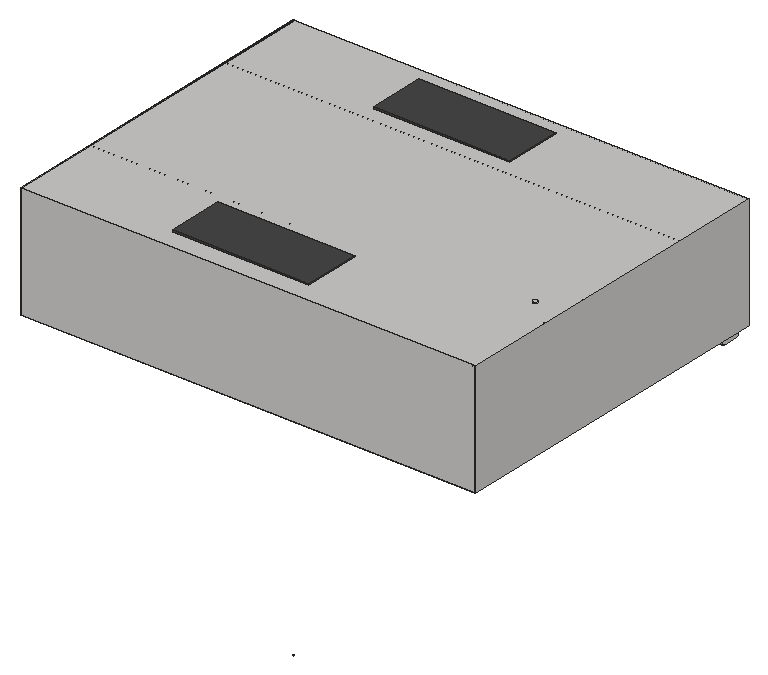
Revit family "QF_ELECTROLUXPROFESSIONAL_641259_STPF1520", category Specialty Equipment, Revit 2014
Reference planes
  plane 1: z = 0
  plane 2 "Center (Left/Right)": x = 150
  plane 3 "LEFT": x = -850
  plane 4 "RIGHT": x = 1150
  plane 5 "BACK": y = 550
  plane 6 "TOP": z = 2500
  plane 7 "Base": z = 2000
  plane 8: z = 1955
  plane 9 "DrainY": y = 490
  plane 10: x = -847
  plane 11 "DrainX": x = 1030
  plane 12 "AOLeft2": x = 350
  plane 13: x = 1147
  plane 14: x = -650
  plane 15: x = 950
  plane 16 "Center (Front/Back)": y = -100
  plane 17 "Front": y = -950
  plane 18 "AOLeft1": x = -250
  plane 19: y = -864
  plane 20: y = -614
  plane 21: y = 240
  plane 22: y = 490
  plane 23 "EI_y": y = -470
  plane 24 "EIx": x = 1030
Forms (mm)
  Extrusion 1, solid, material "QF_Finishes_Stainless Steel"
    sketch origin (-850, 0, 360) x (0, 1, 0) y (0, 0, 1)
      loop
        line (550, 1640) -> (550, 2140) -> (-950, 2140) -> (-950, 1640) -> (550, 1640)
    from 0 to 3
  Extrusion 2, solid, material "QF_Finishes_Stainless Steel"
    sketch origin (1150, 0, 360) x (0, 1, 0) y (0, 0, 1)
      loop
        line (550, 1640) -> (550, 2140) -> (-950, 2140) -> (-950, 1640) -> (550, 1640)
    from 0 to -3
  Extrusion 3, solid, material "QF_Finishes_Stainless Steel"
    sketch origin (150, 0, 360) x (0, 1, 0) y (0, 0, 1)
      loop
        line (-950, 2140) -> (-950, 1640) -> (-940, 1640) -> (-940, 1640.8) -> (-949.2, 1640.8) -> (-949.2, 2139.19) -> (549.2, 2139.19) -> (549.2, 1640.8) -> (540, 1640.8) -> (540, 1640) -> (550, 1640) -> (550, 2140) -> (-950, 2140)
    from -1000 to 1000
  Extrusion 4, solid, material "QF_Finishes_Stainless Steel"
    sketch origin (0, 0, 2000) x (0, 1, 0) y (-1, 0, 0)
      loop
        circle (490, -1030) r 4.763
    from -30 to 0
  Extrusion 5, solid, material "QF_Finishes_Black"
    sketch origin (0, 0, 2500) x (0, 1, 0) y (-1, 0, 0)
      loop
        line (-614, -350) -> (-614, 250) -> (-864, 250) -> (-864, -350) -> (-614, -350)
    from 5 to 0
  Extrusion 6, solid, material "QF_Finishes_Stainless Steel"
    sketch origin (0, 0, 0) x (1, 0, 0) y (0, 1, 0)
      loop
        line (-850, 550) -> (-850, 549) -> (-849, 549) -> (-849, 550) -> (-850, 550)
    from 0 to 1
  Extrusion 7, solid, material "QF_LAMPS"
    sketch origin (150, 0, 360) x (0, 1, 0) y (0, 0, 1)
      loop
        line (-572.823, 1962.324) -> (-418.948, 2086.929) -> (-427.129, 2097.032) -> (-581.003, 1972.426) -> (-572.823, 1962.324)
    from 997 to -997
  Sweep 8, solid, material "QF_Finishes_Stainless Steel"
    path origin (0, 0, 0) x (1, 0, 0) y (0, 1, 0)
      loop
        line (1150, 550) -> (-850, 550) -> (-850, -950) -> (1150, -950) -> (1150, 550)
    profile origin (1150, -200, 0) x (1, 0, 0) y (0, 0, 1)
      loop
        line (-3, 2000) -> (-3, 2000.8) -> (-19, 2000.8) -> (-19, 2010) -> (-20, 2010) -> (-20, 2000) -> (-3, 2000)
  Extrusion 9, solid, material "QF_Finishes_Stainless Steel"
    sketch origin (150, 0, 0) x (0, 1, 0) y (0, 0, 1)
      loop
        line (414.66, 2095.469) -> (440.643, 2110.471) -> (261.744, 2411.771) -> (235.948, 2396.455) -> (414.66, 2095.469)
    from -997 to -800
  Extrusion 10, solid, material "QF_Finishes_Stainless Steel"
    sketch origin (1030, 0, 0) x (0, 1, 0) y (0, 0, 1)
      loop
        line (539, 2002) -> (441, 2002) -> (441, 1989) -> (448.5, 1989) -> (448.5, 1965)
        arc (448.5, 1965) -> (451.429, 1957.929) -> (458.5, 1955) r 10
        line (458.5, 1955) -> (521.5, 1955)
        arc (521.5, 1955) -> (528.571, 1957.929) -> (531.5, 1965) r 10
        line (531.5, 1965) -> (531.5, 1989) -> (539, 1989) -> (539, 2002)
    from 90 to -90
  Extrusion 11, solid, material "QF_Finishes_Stainless Steel"
    sketch origin (150, 0, 0) x (0, 1, 0) y (0, 0, 1)
      loop
        line (414.66, 2095.469) -> (440.643, 2110.471) -> (261.744, 2411.771) -> (235.948, 2396.455) -> (414.66, 2095.469)
    from 800 to 997
  Extrusion 12, solid, material "QF_Finished_Chrome"
    sketch origin (150, 0, 0) x (0, 1, 0) y (0, 0, 1)
      loop
        line (414.66, 2095.469) -> (440.643, 2110.471) -> (261.744, 2411.771) -> (235.948, 2396.455) -> (414.66, 2095.469)
    from -800 to 800
  Extrusion 13, solid, material "QF_Finishes_Black"
    sketch origin (0, 1180, 2500) x (0, 1, 0) y (-1, 0, 0)
      loop
        line (-690, -350) -> (-690, 250) -> (-940, 250) -> (-940, -350) -> (-690, -350)
    from 5 to 0
  Extrusion 14, solid, material "QF_Finishes_Stainless Steel"
    sketch origin (0, 0, 2500) x (0, 1, 0) y (-1, 0, 0)
      loop
        circle (-470, -1030) r 10
    from 0 to 1.6
  Extrusion 15, solid, material "QF_Finishes_Stainless Steel"
    sketch origin (150, 0, 360) x (0, 1, 0) y (0, 0, 1)
      loop
        line (430.005, 1640) -> (436.005, 1640) -> (436.005, 1640.8) -> (430.467, 1640.8) -> (371.906, 1742.23) -> (414.858, 1734.657) -> (442.266, 1750.481) -> (442.266, 1765.943) -> (441.466, 1765.943) -> (441.466, 1750.943) -> (414.709, 1735.495) -> (321.153, 1751.991) -> (320.875, 1750.416) -> (371.4, 1741.507) -> (430.005, 1640)
      loop
        line (172.529, 2139.19) -> (242.893, 2017.316) -> (245.133, 2018.715) -> (240.13, 2027.381) -> (238.569, 2026.405) -> (173.453, 2139.19) -> (172.529, 2139.19)
    from -997 to 997
  Extrusion 16, solid, material "QF_Finishes_Stainless Steel"
    sketch origin (150, 200.8, 360) x (0, 1, 0) y (0, 0, 1)
      loop
        line (-1150, 2139.19) -> (-1150, 1640) -> (-1086.602, 1640) -> (-999.146, 1690.493) -> (-1010.058, 1709.394) -> (-1066.564, 1676.77) -> (-1114.704, 1680.982) -> (-1149.2, 1730.248) -> (-1149.2, 2139.19) -> (-1150, 2139.19)
      loop
        line (-773.6, 1961.694) -> (-781.937, 1971.99) -> (-769.095, 1982.182) -> (-769.095, 2139.19) -> (-769.895, 2139.19) -> (-769.895, 1982.569) -> (-1082.298, 1734.63) -> (-1071.091, 1720.79) -> (-773.6, 1961.694)
      loop
        line (-627.61, 2099.216) -> (-618.171, 2087.559) -> (-554.411, 2139.19) -> (-555.682, 2139.19) -> (-618.052, 2088.684) -> (-626.989, 2099.719) -> (-627.61, 2099.216)
    from -997 to 997
  Extrusion 17, solid, material "QF_Finishes_Stainless Steel"
    sketch origin (0, 0, 2500) x (0, 1, 0) y (-1, 0, 0)
      loop
        circle (-470, -1030) r 10
    from 0 to 1.6
Cuts and joins
  joined: Extrusion 2, Extrusion 3, Sweep 8
Lines and regions (mm)
  symbolic lines, style "SpecialityEquipment", detail levels coarse
    curve 1: line (1150, 550, 2500) -> (-850, 550, 2500)
    curve 2: line (-850, 550, 2500) -> (-850, -950, 2500)
    curve 3: line (1150, -950, 2500) -> (1150, 550, 2500)
    curve 4: line (-850, 550, 0) -> (1150, -950, 0)
    curve 5: line (1150, 550, 0) -> (-850, -950, 0)
    curve 6: line (-850, -950, 0) -> (1150, -950, 0)
  symbolic lines, detail levels coarse
    curve 7: line (-250, 240, 2500) -> (350, 240, 2500)
    curve 8: line (-250, 490, 2500) -> (-250, 240, 2500)
    curve 9: line (350, 490, 2500) -> (-250, 490, 2500)
    curve 10: line (350, 240, 2500) -> (350, 490, 2500)
Dimensions and locks
  plane 3 "LEFT" to plane 4 "RIGHT" = 2000 mm
  equal spacing: plane 3 "LEFT", plane 2 "Center (Left/Right)", plane 4 "RIGHT"
  plane 7 "Base" to plane 8 = 45 mm
  plane 5 "BACK" to plane 9 "DrainY" = 60 mm  (x2)
  plane 3 "LEFT" to plane 10 = 3 mm
  plane 11 "DrainX" to plane 4 "RIGHT" = 120 mm
  plane 13 to plane 4 "RIGHT" = 3 mm
  plane 3 "LEFT" to plane 14 = 200 mm
  plane 15 to plane 4 "RIGHT" = 200 mm
  locked: plane 7 "Base" to level at 2000
  locked: plane 6 "TOP" to plane 7 "Base" at 500
  locked: plane 18 "AOLeft1" to plane 12 "AOLeft2" at 600
  locked: plane 20 to plane 19 at 250
  locked: plane 19 to plane 17 "Front" at 86
  locked: plane 22 to plane 21 at 250
  locked: plane 5 "BACK" to plane 22 at 60
  locked: plane 23 "EI_y" to plane 17 "Front" at 480
  locked: plane 24 "EIx" to plane 4 "RIGHT" at 120
  locked: plane 5 "BACK" to plane 17 "Front" at 1500
  plane 5 "BACK" to plane 17 "Front" = 1500 mm
  aligned and locked: level to plane 1
  aligned and locked: plane 4 "RIGHT" to Extrusion 3
  aligned and locked: Extrusion 3 to plane 3 "LEFT"
  aligned and locked: Extrusion 2 to plane 13
  aligned and locked: Extrusion 9 to plane 10
  aligned and locked: Extrusion 5 to plane 18 "AOLeft1"
  aligned and locked: Extrusion 5 to plane 12 "AOLeft2"
  aligned and locked: plane 14 to Extrusion 9
  aligned and locked: plane 15 to Extrusion 11
  aligned and locked: plane 13 to Extrusion 11
  aligned and locked: Extrusion 12 to plane 14
  aligned and locked: Extrusion 12 to plane 15
  aligned and locked: plane 13 to Extrusion 7
  aligned and locked: Extrusion 7 to plane 10
  aligned and locked: Extrusion 13 to plane 21
  aligned and locked: plane 22 to Extrusion 13
  aligned and locked: Extrusion 13 to plane 18 "AOLeft1"
  aligned and locked: Extrusion 13 to plane 12 "AOLeft2"
  aligned and locked: Extrusion 15 to plane 10
  aligned and locked: plane 13 to Extrusion 15
  aligned and locked: Extrusion 5 to plane 19
  aligned and locked: plane 20 to Extrusion 5
  aligned and locked: Extrusion 16 to plane 10
  aligned and locked: plane 13 to Extrusion 16
Automatic sketch dimensions
  curve 6 to plane 3 "LEFT" = 0 mm
  curve 4 to plane 3 "LEFT" = 0 mm
  curve 5 to plane 4 "RIGHT" = 0 mm
  curve 6 to plane 4 "RIGHT" = 0 mm
  curve 4 to plane 17 "Front" = 0 mm
  curve 5 to plane 5 "BACK" = 0 mm
  curve 4 to plane 5 "BACK" = 0 mm
  curve 2 to plane 3 "LEFT" = 0 mm
  curve 2 to plane 17 "Front" = 0 mm
  curve 3 to plane 4 "RIGHT" = 0 mm
  curve 3 to plane 17 "Front" = 0 mm
  curve 7 to plane 18 "AOLeft1" = 0 mm
  curve 7 to plane 21 = 0 mm
  curve 9 to plane 9 "DrainY" = 0 mm
  curve 2 to plane 5 "BACK" = 0 mm
  curve 9 to plane 12 "AOLeft2" = 0 mm
  Extrusion 1 sketch curve to plane 7 "Base" = 0 mm
  Extrusion 1 sketch curve to plane 17 "Front" = 0 mm
  Extrusion 1 sketch curve to plane 5 "BACK" = 0 mm
  Extrusion 1 sketch curve to plane 6 "TOP" = 0 mm
  Extrusion 2 sketch curve to plane 7 "Base" = 0 mm
  Extrusion 2 sketch curve to plane 17 "Front" = 0 mm
  Extrusion 2 sketch curve to plane 5 "BACK" = 0 mm
  Extrusion 2 sketch curve to plane 6 "TOP" = 0 mm
  Extrusion 3 sketch curve to plane 6 "TOP" = 0 mm
  Extrusion 3 sketch curve to plane 17 "Front" = 0 mm
  Extrusion 3 sketch curve to plane 7 "Base" = 0 mm  (x2)
  Extrusion 3 sketch curve to plane 5 "BACK" = 0 mm
  plane 17 "Front" to Extrusion 3 sketch curve = 0.8 mm
  Extrusion 3 sketch curve to Extrusion 3 sketch curve = 9.2 mm
  plane 7 "Base" to Extrusion 3 sketch curve = 0.8 mm  (x2)
  Extrusion 3 sketch curve to plane 5 "BACK" = 10 mm
  Extrusion 3 sketch curve to plane 5 "BACK" = 0.8 mm
  Extrusion 3 sketch curve to plane 6 "TOP" = 0.81 mm
  Extrusion 4 sketch curve to plane 9 "DrainY" = 0 mm
  Extrusion 4 sketch curve to plane 11 "DrainX" = 0 mm
  Extrusion 5 sketch curve to plane 12 "AOLeft2" = 0 mm
  Extrusion 5 sketch curve to plane 19 = 0 mm
  Extrusion 5 sketch curve to plane 20 = 0 mm
  Extrusion 5 sketch curve to plane 18 "AOLeft1" = 0 mm
  Extrusion 6 sketch curve to plane 3 "LEFT" = 0 mm
  Extrusion 6 sketch curve to plane 5 "BACK" = 0 mm
  plane 3 "LEFT" to Extrusion 6 sketch curve = 1 mm
  Extrusion 6 sketch curve to Extrusion 6 sketch curve = 1 mm
  plane 20 to Extrusion 7 sketch curve = 32.997 mm
  Extrusion 7 sketch curve to Extrusion 7 sketch curve = 8.181 mm  (x2)
  plane 23 "EI_y" to Extrusion 7 sketch curve = 42.871 mm
  Extrusion 7 sketch curve to plane 6 "TOP" = 177.676 mm
  Extrusion 7 sketch curve to Extrusion 7 sketch curve = 10.102 mm
  Extrusion 7 sketch curve to plane 6 "TOP" = 53.071 mm
  Extrusion 7 sketch curve to Extrusion 7 sketch curve = 10.103 mm
  Sweep 8 sketch curve to plane 3 "LEFT" = 0 mm
  Sweep 8 sketch curve to plane 4 "RIGHT" = 0 mm
  Sweep 8 sketch curve to plane 17 "Front" = 0 mm
  Sweep 8 sketch curve to plane 5 "BACK" = 0 mm
  profile plane to Sweep 8 sketch curve = 20 mm
  Sweep 8 sketch curve to Sweep 8 sketch curve = 1 mm
  profile plane to Sweep 8 sketch curve = 3 mm
  level to Sweep 8 sketch curve = 2000 mm
  Sweep 8 sketch curve to Sweep 8 sketch curve = 0.8 mm
  Sweep 8 sketch curve to Sweep 8 sketch curve = 9.2 mm
  Extrusion 9 sketch curve to plane 21 = 4.052 mm
  plane 21 to Extrusion 9 sketch curve = 21.744 mm
  Extrusion 9 sketch curve to plane 9 "DrainY" = 75.34 mm
  Extrusion 9 sketch curve to Extrusion 9 sketch curve = 25.983 mm
  plane 7 "Base" to Extrusion 9 sketch curve = 95.469 mm
  Extrusion 9 sketch curve to Extrusion 9 sketch curve = 15.001 mm
  Extrusion 9 sketch curve to plane 6 "TOP" = 103.545 mm
  Extrusion 9 sketch curve to Extrusion 9 sketch curve = 15.316 mm
  Extrusion 10 sketch curve to plane 8 = 0 mm
  Extrusion 10 sketch curve to plane 7 "Base" = 11 mm  (x2)
  Extrusion 10 sketch curve to plane 9 "DrainY" = 49 mm
  Extrusion 10 sketch curve to Extrusion 10 sketch curve = 7.5 mm  (x2)
  Extrusion 10 sketch curve to Extrusion 10 sketch curve = 10 mm
  Extrusion 10 sketch curve to plane 5 "BACK" = 28.5 mm
  Extrusion 10 sketch curve to plane 5 "BACK" = 18.5 mm
  plane 7 "Base" to Extrusion 10 sketch curve = 2 mm
  Extrusion 11 sketch curve to plane 21 = 4.052 mm
  plane 21 to Extrusion 11 sketch curve = 21.744 mm
  Extrusion 11 sketch curve to plane 9 "DrainY" = 75.34 mm
  Extrusion 11 sketch curve to Extrusion 11 sketch curve = 25.983 mm
  plane 7 "Base" to Extrusion 11 sketch curve = 95.469 mm
  Extrusion 11 sketch curve to Extrusion 11 sketch curve = 15.001 mm
  Extrusion 11 sketch curve to plane 6 "TOP" = 103.545 mm
  Extrusion 11 sketch curve to Extrusion 11 sketch curve = 15.316 mm
  Extrusion 12 sketch curve to plane 21 = 4.052 mm
  plane 21 to Extrusion 12 sketch curve = 21.744 mm
  Extrusion 12 sketch curve to plane 9 "DrainY" = 75.34 mm
  Extrusion 12 sketch curve to Extrusion 12 sketch curve = 25.983 mm
  plane 7 "Base" to Extrusion 12 sketch curve = 95.469 mm
  Extrusion 12 sketch curve to Extrusion 12 sketch curve = 15.001 mm
  Extrusion 12 sketch curve to plane 6 "TOP" = 103.545 mm
  Extrusion 12 sketch curve to Extrusion 12 sketch curve = 15.316 mm
  Extrusion 13 sketch curve to plane 12 "AOLeft2" = 0 mm
  Extrusion 13 sketch curve to plane 21 = 0 mm
  Extrusion 13 sketch curve to plane 9 "DrainY" = 0 mm
  Extrusion 13 sketch curve to plane 18 "AOLeft1" = 0 mm
  Extrusion 14 sketch curve to plane 23 "EI_y" = 0 mm
  Extrusion 14 sketch curve to plane 24 "EIx" = 0 mm
  Extrusion 15 sketch curve to plane 7 "Base" = 0 mm
  Extrusion 15 sketch curve to plane 6 "TOP" = 0.81 mm
  Extrusion 15 sketch curve to plane 21 = 67.471 mm
  Extrusion 15 sketch curve to Extrusion 15 sketch curve = 0.924 mm
  Extrusion 15 sketch curve to plane 21 = 1.431 mm
  plane 21 to Extrusion 15 sketch curve = 0.13 mm
  plane 21 to Extrusion 15 sketch curve = 2.893 mm
  Extrusion 15 sketch curve to Extrusion 15 sketch curve = 2.24 mm
  plane 21 to Extrusion 15 sketch curve = 80.875 mm
  Extrusion 15 sketch curve to Extrusion 15 sketch curve = 0.278 mm
  Extrusion 15 sketch curve to Extrusion 15 sketch curve = 50.525 mm
  Extrusion 15 sketch curve to Extrusion 15 sketch curve = 0.506 mm
  Extrusion 15 sketch curve to Extrusion 15 sketch curve = 42.803 mm
  Extrusion 15 sketch curve to Extrusion 15 sketch curve = 0.148 mm
  Extrusion 15 sketch curve to plane 9 "DrainY" = 59.995 mm
  plane 7 "Base" to Extrusion 15 sketch curve = 0.8 mm
  Extrusion 15 sketch curve to Extrusion 15 sketch curve = 0.462 mm  (x2)
  Extrusion 15 sketch curve to Extrusion 15 sketch curve = 5.538 mm
  Extrusion 15 sketch curve to Extrusion 15 sketch curve = 26.757 mm
  Extrusion 15 sketch curve to Extrusion 15 sketch curve = 0.8 mm
  plane 7 "Base" to Extrusion 15 sketch curve = 94.657 mm
  Extrusion 15 sketch curve to Extrusion 15 sketch curve = 0.838 mm
  Extrusion 15 sketch curve to Extrusion 15 sketch curve = 6.012 mm
  Extrusion 15 sketch curve to Extrusion 15 sketch curve = 0.723 mm
  Extrusion 15 sketch curve to Extrusion 15 sketch curve = 14.986 mm
  Extrusion 15 sketch curve to Extrusion 15 sketch curve = 15 mm
  Extrusion 15 sketch curve to plane 6 "TOP" = 122.684 mm
  Extrusion 15 sketch curve to Extrusion 15 sketch curve = 1.399 mm
  Extrusion 15 sketch curve to Extrusion 15 sketch curve = 9.089 mm
  Extrusion 15 sketch curve to Extrusion 15 sketch curve = 0.975 mm
  Extrusion 16 sketch curve to plane 7 "Base" = 0 mm
  plane 17 "Front" to Extrusion 16 sketch curve = 0.8 mm
  Extrusion 16 sketch curve to Extrusion 16 sketch curve = 0.8 mm  (x2)
  plane 17 "Front" to Extrusion 16 sketch curve = 36.096 mm
  Extrusion 16 sketch curve to plane 19 = 21.802 mm
  Extrusion 16 sketch curve to plane 19 = 17.498 mm
  Extrusion 16 sketch curve to plane 19 = 6.291 mm
  Extrusion 16 sketch curve to plane 19 = 1.764 mm
  plane 19 to Extrusion 16 sketch curve = 54.742 mm
  Extrusion 16 sketch curve to Extrusion 16 sketch curve = 10.912 mm
  plane 20 to Extrusion 16 sketch curve = 32.863 mm
  Extrusion 16 sketch curve to Extrusion 16 sketch curve = 8.337 mm
  Extrusion 16 sketch curve to Extrusion 16 sketch curve = 12.042 mm
  plane 23 "EI_y" to Extrusion 16 sketch curve = 43.19 mm
  Extrusion 16 sketch curve to Extrusion 16 sketch curve = 0.622 mm
  Extrusion 16 sketch curve to Extrusion 16 sketch curve = 9.44 mm
  Extrusion 16 sketch curve to Extrusion 16 sketch curve = 0.118 mm
  Extrusion 16 sketch curve to plane 6 "TOP" = 0.81 mm  (x3)
  Extrusion 16 sketch curve to Extrusion 16 sketch curve = 62.37 mm
  Extrusion 16 sketch curve to Extrusion 16 sketch curve = 1.271 mm
  plane 7 "Base" to Extrusion 16 sketch curve = 36.77 mm
  plane 7 "Base" to Extrusion 16 sketch curve = 40.982 mm
  plane 7 "Base" to Extrusion 16 sketch curve = 50.493 mm
  Extrusion 16 sketch curve to Extrusion 16 sketch curve = 18.901 mm
  Extrusion 16 sketch curve to Extrusion 16 sketch curve = 44.02 mm
  Extrusion 16 sketch curve to Extrusion 16 sketch curve = 49.266 mm
  Extrusion 16 sketch curve to Extrusion 16 sketch curve = 13.84 mm
  Extrusion 16 sketch curve to plane 6 "TOP" = 178.306 mm
  Extrusion 16 sketch curve to Extrusion 16 sketch curve = 10.296 mm
  Extrusion 16 sketch curve to Extrusion 16 sketch curve = 10.192 mm
  Extrusion 16 sketch curve to Extrusion 16 sketch curve = 0.386 mm
  Extrusion 16 sketch curve to plane 6 "TOP" = 52.441 mm
  Extrusion 16 sketch curve to Extrusion 16 sketch curve = 1.125 mm
  Extrusion 17 sketch curve to plane 23 "EI_y" = 0 mm
  Extrusion 17 sketch curve to plane 24 "EIx" = 0 mm
  radius of Extrusion 4 sketch curve = 4.763 mm
  radius of Extrusion 14 sketch curve = 10 mm
  radius of Extrusion 17 sketch curve = 10 mm
Connectors
  piping at (1030, 490, 1970), diameter 9.5
    settings: on Extrusion 4, index 1, connector inside diameter 609.6 mm, connector length 0 mm, flow factor 0, pipe flow 0.0 L/s, pressure drop 0.0 Pa, fitting loss kfactor 0, connector angle 0.00°, fixture units 0, engagement length 0 mm, angle of deflection 0.00°, flow configuration 1, flow direction 2, fitting loss method 0, system type 16, joint type 0, gender type 0, connector reference index -1, connector utility 0, adjustable connector no, is connector primary yes, connector description "Drain"
  hvac at (50, -739, 2505)
    settings: on Extrusion 5, index 2, duct flow 0.0 L/s, flow factor 0, pres drop 0.0 Pa, loss coef 0, conn angle 0.00°, conn width 250 mm, conn height 600 mm, conn diameter 609.6 mm, duct sys type 1, conn prof type 1, flow config 1, flow direction 1, loss method 0, conn ref index -1, conn util no, is conn primary yes, conn desc "AIR INLET"
  hvac at (50, 365, 2505)
    settings: on Extrusion 13, index 4, duct flow 0.0 L/s, flow factor 0, pres drop 0.0 Pa, loss coef 0, conn angle 0.00°, conn width 250 mm, conn height 600 mm, conn diameter 609.6 mm, duct sys type 3, conn prof type 1, flow config 1, flow direction 2, loss method 0, conn ref index -1, conn util no, is conn primary no, conn desc "EXHAUST OUTLET"
  electrical at (1030, -470, 2501.6)
    settings: on Extrusion 14, index 6, voltage 0 V, apparent load 0 VA, apparent load phase1 0 VA, apparent load phase2 0 VA, apparent load phase3 0 VA, power factor 1, load classification "Other", number of poles 1, system type 30, power factor state 1, is connector primary yes, connector utility no, sub classification motor no, connector description "Electrical Connection"
  electrical at (1030, -470, 2501.6)
    settings: on Extrusion 17, index 12, voltage 0 V, apparent load 0 VA, apparent load phase1 0 VA, apparent load phase2 0 VA, apparent load phase3 0 VA, power factor 1, load classification "Other", number of poles 1, system type 30, power factor state 1, is connector primary no, connector utility no, sub classification motor no, connector description ""
